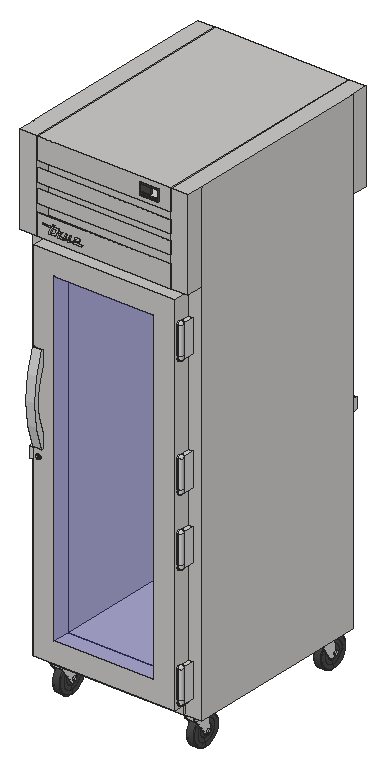
Revit family "QF_TRUE_STG1RPT-1G-1S-HC", category Specialty Equipment, Revit 2012 (continued)
Automatic sketch dimensions
  Revolve 50 sketch curve to Revolve 50 sketch curve = 0"
  Revolve 50 sketch curve to plane 5 "TOP" = 38.25492"
  Revolve 50 sketch curve to Revolve 50 sketch curve = 0.55526"
  Revolve 50 sketch curve to Revolve 50 sketch curve = 0.19474"
  Revolve 50 sketch curve to Revolve 50 sketch curve = 0.14649"
  Revolve 50 sketch curve to Revolve 50 sketch curve = 4.42889"
  Revolve 50 sketch curve to Revolve 50 sketch curve = 0.05342"
  Revolve 50 sketch curve to Revolve 50 sketch curve = 0.51246"
  Revolve 50 sketch curve to Revolve 50 sketch curve = 0.05889"
  Extrusion 52 sketch curve to Extrusion 52 sketch curve = 0.20453"
  Extrusion 52 sketch curve to Extrusion 52 sketch curve = 0.43503"
  plane 6 to Extrusion 52 sketch curve = 27.92729"
  Extrusion 52 sketch curve to Extrusion 52 sketch curve = 4.39928"
  Extrusion 52 sketch curve to Extrusion 52 sketch curve = 0.71221"
  Revolve 53 sketch curve to Revolve 53 sketch curve = 0.38242"
  Revolve 53 sketch curve to Revolve 53 sketch curve = 0.38436"
  Revolve 53 sketch curve to Revolve 53 sketch curve = 0.02425"
  Revolve 53 sketch curve to Revolve 53 sketch curve = 0.40666"  (x2)
  Revolve 53 sketch curve to Revolve 53 sketch curve = 0"
  plane 6 to Revolve 53 sketch curve = 28.74508"
  Revolve 53 sketch curve to Revolve 53 sketch curve = 0.55526"
  Revolve 53 sketch curve to Revolve 53 sketch curve = 0.19474"
  Revolve 53 sketch curve to Revolve 53 sketch curve = 0.14649"
  Revolve 53 sketch curve to Revolve 53 sketch curve = 4.42889"
  Revolve 53 sketch curve to Revolve 53 sketch curve = 0.05342"
  Revolve 53 sketch curve to Revolve 53 sketch curve = 0.51246"
  Revolve 53 sketch curve to Revolve 53 sketch curve = 0.05889"
  Extrusion 55 sketch curve to Extrusion 55 sketch curve = 0.20453"
  Extrusion 55 sketch curve to Extrusion 55 sketch curve = 0.43503"
  plane 6 to Extrusion 55 sketch curve = 8.17729"
  plane 6 to Extrusion 55 sketch curve = 3.57348"
  Extrusion 55 sketch curve to Extrusion 55 sketch curve = 0.75105"
  Revolve 56 sketch curve to Revolve 56 sketch curve = 0.38242"
  Revolve 56 sketch curve to Revolve 56 sketch curve = 0.38436"
  Revolve 56 sketch curve to Revolve 56 sketch curve = 0.02425"
  Revolve 56 sketch curve to Revolve 56 sketch curve = 0.40666"  (x2)
  Revolve 56 sketch curve to Revolve 56 sketch curve = 0"
  plane 6 to Revolve 56 sketch curve = 8.99508"
  Revolve 56 sketch curve to Revolve 56 sketch curve = 0.55526"
  Revolve 56 sketch curve to Revolve 56 sketch curve = 0.19474"
  Revolve 56 sketch curve to Revolve 56 sketch curve = 0.14649"
  plane 6 to Revolve 56 sketch curve = 3.62689"
  Revolve 56 sketch curve to Revolve 56 sketch curve = 0.05342"
  Revolve 56 sketch curve to Revolve 56 sketch curve = 0.51246"
  Revolve 56 sketch curve to Revolve 56 sketch curve = 0.05889"
  Extrusion 3 sketch curve to Extrusion 3 sketch curve = 31"  (x2)
  Extrusion 3 sketch curve to Extrusion 3 sketch curve = 0.21659"
  Extrusion 25 sketch curve to Extrusion 25 sketch curve = 22.76936"
  Extrusion 31 sketch curve to Extrusion 31 sketch curve = 23.08888"
  Extrusion 34 sketch curve to Extrusion 34 sketch curve = 22.76936"
  Extrusion 35 sketch curve to Extrusion 35 sketch curve = 22.76936"
  Extrusion 40 sketch curve to Extrusion 40 sketch curve = 23.08888"
  Extrusion 46 sketch curve to plane 4 "FRONT" = 35.51521"
  Extrusion 46 sketch curve to Extrusion 46 sketch curve = 1.50065"
  Revolve 47 sketch curve to plane 4 "FRONT" = 35 15/16"
  Extrusion 49 sketch curve to plane 4 "FRONT" = 35.51521"
  Extrusion 49 sketch curve to Extrusion 49 sketch curve = 1.50065"
  Revolve 50 sketch curve to plane 4 "FRONT" = 35 15/16"
  Extrusion 52 sketch curve to plane 4 "FRONT" = 35.51521"
  Extrusion 52 sketch curve to Extrusion 52 sketch curve = 1.50065"
  Revolve 53 sketch curve to plane 4 "FRONT" = 35 15/16"
  Extrusion 55 sketch curve to plane 4 "FRONT" = 35.51521"
  Extrusion 55 sketch curve to Extrusion 55 sketch curve = 1.50065"
  Revolve 56 sketch curve to plane 4 "FRONT" = 35 15/16"
  plane 4 "FRONT" to Extrusion 7 sketch curve = 0.21185"  (x2)
  Extrusion 7 sketch curve to plane 4 "FRONT" = 0"  (x2)
  Extrusion 7 sketch curve to plane 4 "FRONT" = 9.47675"
  Extrusion 7 sketch curve to Extrusion 7 sketch curve = 7.78454"
  Extrusion 7 sketch curve to Extrusion 7 sketch curve = 2.37688"
  Extrusion 7 sketch curve to Extrusion 7 sketch curve = 0"
  plane 6 to Extrusion 7 sketch curve = 32 5/8"
  Extrusion 7 sketch curve to Extrusion 7 sketch curve = 4.87312"
  Extrusion 26 sketch curve to plane 6 = 0.63926"  (x2)
  Extrusion 26 sketch curve to plane 4 "FRONT" = 3.79864"
  Extrusion 26 sketch curve to plane 6 = 1.24411"
  Extrusion 26 sketch curve to Extrusion 26 sketch curve = 1/4"  (x2)
  Extrusion 26 sketch curve to Extrusion 26 sketch curve = 1.7492"  (x2)
  Extrusion 26 sketch curve to Extrusion 26 sketch curve = 0.50669"  (x2)
  Extrusion 26 sketch curve to Extrusion 26 sketch curve = 2 1/2"  (x2)
  Extrusion 26 sketch curve to Extrusion 26 sketch curve = 0.59966"  (x2)
  plane 8 to Extrusion 26 sketch curve = 6.82645"
  level to Extrusion 26 sketch curve = 2.59003"  (x2)
  Extrusion 26 sketch curve to Extrusion 26 sketch curve = 0.07363"  (x2)
  Extrusion 26 sketch curve to Extrusion 26 sketch curve = 0.60485"
  Extrusion 1 sketch curve to plane 2 "LEFT" = 0"
  plane 2 "LEFT" to Extrusion 1 sketch curve = 2 55/64"
  Extrusion 1 sketch curve to plane 4 "FRONT" = 2 3/4"
  plane 8 to Extrusion 1 sketch curve = 2 3/4"
  Extrusion 2 sketch curve to plane 3 "RIGHT" = 0"
  Extrusion 2 sketch curve to plane 3 "RIGHT" = 2 55/64"
  Extrusion 2 sketch curve to plane 4 "FRONT" = 2 3/4"
  plane 8 to Extrusion 2 sketch curve = 2 3/4"
  plane 4 "FRONT" to Extrusion 4 sketch curve = 0"
  Extrusion 4 sketch curve to plane 3 "RIGHT" = 2 55/64"
  Extrusion 4 sketch curve to plane 3 "RIGHT" = 3/64"
  Extrusion 4 sketch curve to Extrusion 4 sketch curve = 2 3/4"
  plane 4 "FRONT" to Extrusion 5 sketch curve = 0"
  plane 2 "LEFT" to Extrusion 5 sketch curve = 3/64"
  Extrusion 5 sketch curve to Extrusion 5 sketch curve = 2 13/16"
  Extrusion 5 sketch curve to Extrusion 5 sketch curve = 2 3/4"
  plane 2 "LEFT" to Extrusion 6 sketch curve = 2 9/32"
  Extrusion 6 sketch curve to Extrusion 6 sketch curve = 3 11/32"  (x3)
  Extrusion 6 sketch curve to plane 3 "RIGHT" = 5 5/8"
  Extrusion 6 sketch curve to plane 3 "RIGHT" = 2 9/32"
  plane 6 to Extrusion 6 sketch curve = 1 29/32"
  Extrusion 6 sketch curve to plane 5 "TOP" = 19 1/2"
  plane 2 "LEFT" to Extrusion 8 sketch curve = 3.04215"
  Extrusion 8 sketch curve to Extrusion 8 sketch curve = 0.02035"
  Extrusion 8 sketch curve to Extrusion 8 sketch curve = 0.0555"
  plane 6 to Extrusion 8 sketch curve = 30.95645"
  Extrusion 8 sketch curve to Extrusion 8 sketch curve = 0.29355"
  Extrusion 8 sketch curve to Extrusion 8 sketch curve = 0.27385"
  plane 2 "LEFT" to Extrusion 9 sketch curve = 3.68957"
  Extrusion 9 sketch curve to Extrusion 9 sketch curve = 0.10565"  (x5)
  Extrusion 9 sketch curve to Extrusion 9 sketch curve = 1.03891"
  Extrusion 9 sketch curve to Extrusion 9 sketch curve = 0.04606"
  Extrusion 9 sketch curve to Extrusion 9 sketch curve = 0.04025"
  Extrusion 9 sketch curve to Extrusion 9 sketch curve = 0.33624"
  Extrusion 9 sketch curve to Extrusion 9 sketch curve = 0.03034"  (x2)
  Extrusion 9 sketch curve to Extrusion 9 sketch curve = 0.29274"
  Extrusion 9 sketch curve to Extrusion 9 sketch curve = 0.03232"
  Extrusion 9 sketch curve to Extrusion 9 sketch curve = 0.08083"
  Extrusion 9 sketch curve to Extrusion 9 sketch curve = 0.1527"
  Extrusion 9 sketch curve to Extrusion 9 sketch curve = 0.19721"
  Extrusion 9 sketch curve to Extrusion 9 sketch curve = 0.4629"
  Extrusion 9 sketch curve to Extrusion 9 sketch curve = 0.02197"
  Extrusion 9 sketch curve to Extrusion 9 sketch curve = 0.12632"
  Extrusion 9 sketch curve to Extrusion 9 sketch curve = 0.18591"
  Extrusion 9 sketch curve to Extrusion 9 sketch curve = 0.2322"
  Extrusion 9 sketch curve to Extrusion 9 sketch curve = 0.13786"
  Extrusion 9 sketch curve to Extrusion 9 sketch curve = 0.00907"
  Extrusion 9 sketch curve to Extrusion 9 sketch curve = 0.01413"
  Extrusion 9 sketch curve to Extrusion 9 sketch curve = 0.37162"
  Extrusion 9 sketch curve to Extrusion 9 sketch curve = 0.12551"
  Extrusion 9 sketch curve to Extrusion 9 sketch curve = 0.07633"
  Extrusion 9 sketch curve to Extrusion 9 sketch curve = 0.08445"
  Extrusion 9 sketch curve to Extrusion 9 sketch curve = 0.25598"
  Extrusion 9 sketch curve to Extrusion 9 sketch curve = 0.01887"
  Extrusion 9 sketch curve to Extrusion 9 sketch curve = 0.04061"
  Extrusion 9 sketch curve to Extrusion 9 sketch curve = 0.0653"
  Extrusion 9 sketch curve to Extrusion 9 sketch curve = 0.08474"
  Extrusion 9 sketch curve to Extrusion 9 sketch curve = 0.00815"
  Extrusion 9 sketch curve to Extrusion 9 sketch curve = 0.22037"
  Extrusion 9 sketch curve to Extrusion 9 sketch curve = 0.21921"
  Extrusion 9 sketch curve to Extrusion 9 sketch curve = 0.11572"
  Extrusion 9 sketch curve to Extrusion 9 sketch curve = 0.46643"
  Extrusion 9 sketch curve to Extrusion 9 sketch curve = 0.00535"
  Extrusion 9 sketch curve to Extrusion 9 sketch curve = 0.09269"
  Extrusion 9 sketch curve to Extrusion 9 sketch curve = 0.09348"
  Extrusion 9 sketch curve to Extrusion 9 sketch curve = 0.14812"
  Extrusion 9 sketch curve to Extrusion 9 sketch curve = 0.07778"  (x3)
  Extrusion 9 sketch curve to Extrusion 9 sketch curve = 0.20054"
  Extrusion 9 sketch curve to Extrusion 9 sketch curve = 0.04325"
  Extrusion 9 sketch curve to Extrusion 9 sketch curve = 0.32433"
  Extrusion 9 sketch curve to Extrusion 9 sketch curve = 0.10233"  (x2)
  Extrusion 9 sketch curve to Extrusion 9 sketch curve = 0.16515"
  Extrusion 9 sketch curve to Extrusion 9 sketch curve = 0.27321"
  Extrusion 9 sketch curve to Extrusion 9 sketch curve = 0.0526"
  Extrusion 9 sketch curve to Extrusion 9 sketch curve = 0.10005"
  Extrusion 9 sketch curve to Extrusion 9 sketch curve = 0.06912"
  Extrusion 9 sketch curve to Extrusion 9 sketch curve = 0.13276"
  Extrusion 9 sketch curve to Extrusion 9 sketch curve = 0.17486"
  Extrusion 9 sketch curve to Extrusion 9 sketch curve = 0.05291"
  Extrusion 9 sketch curve to Extrusion 9 sketch curve = 0.53374"
  Extrusion 9 sketch curve to Extrusion 9 sketch curve = 0.09914"  (x2)
  Extrusion 9 sketch curve to Extrusion 9 sketch curve = 0.15992"
  Extrusion 9 sketch curve to Extrusion 9 sketch curve = 0.46666"
  Extrusion 9 sketch curve to Extrusion 9 sketch curve = 0.00582"
  Extrusion 9 sketch curve to Extrusion 9 sketch curve = 0.08216"
  Extrusion 9 sketch curve to Extrusion 9 sketch curve = 0.16397"
  Extrusion 9 sketch curve to Extrusion 9 sketch curve = 0.12601"
  Extrusion 9 sketch curve to Extrusion 9 sketch curve = 0.1363"
  Extrusion 9 sketch curve to Extrusion 9 sketch curve = 0.02323"
  Extrusion 9 sketch curve to Extrusion 9 sketch curve = 0.03844"
  Extrusion 9 sketch curve to Extrusion 9 sketch curve = 0.0454"
  Extrusion 9 sketch curve to Extrusion 9 sketch curve = 0.05693"
  Extrusion 9 sketch curve to Extrusion 9 sketch curve = 0.0917"
  Extrusion 9 sketch curve to Extrusion 9 sketch curve = 0.01902"
  Extrusion 9 sketch curve to Extrusion 9 sketch curve = 0.02191"
  Extrusion 9 sketch curve to Extrusion 9 sketch curve = 0.0347"
  Extrusion 9 sketch curve to Extrusion 9 sketch curve = 0.06385"
  Extrusion 9 sketch curve to Extrusion 9 sketch curve = 0.02906"
  Extrusion 9 sketch curve to Extrusion 9 sketch curve = 0.02851"
  Extrusion 9 sketch curve to Extrusion 9 sketch curve = 0.29237"
  Extrusion 9 sketch curve to Extrusion 9 sketch curve = 0.00537"
  Extrusion 9 sketch curve to Extrusion 9 sketch curve = 0.0406"
  Extrusion 9 sketch curve to Extrusion 9 sketch curve = 0.04327"
  Extrusion 9 sketch curve to Extrusion 9 sketch curve = 0.02615"
  Extrusion 9 sketch curve to Extrusion 9 sketch curve = 0.11806"
  Extrusion 9 sketch curve to Extrusion 9 sketch curve = 0.15103"
  Extrusion 9 sketch curve to Extrusion 9 sketch curve = 0.10007"
  Extrusion 9 sketch curve to Extrusion 9 sketch curve = 0.5254"
  Extrusion 9 sketch curve to Extrusion 9 sketch curve = 0.14787"
  Extrusion 9 sketch curve to plane 5 "TOP" = 13.64562"
  Extrusion 9 sketch curve to Extrusion 9 sketch curve = 0.07275"
  Extrusion 9 sketch curve to Extrusion 9 sketch curve = 0.05776"
  Extrusion 9 sketch curve to Extrusion 9 sketch curve = 0.08631"
  Extrusion 9 sketch curve to Extrusion 9 sketch curve = 0.09282"
  Extrusion 9 sketch curve to Extrusion 9 sketch curve = 0.13018"
  Extrusion 9 sketch curve to Extrusion 9 sketch curve = 0.16714"
  Extrusion 9 sketch curve to Extrusion 9 sketch curve = 0.11061"
  Extrusion 9 sketch curve to Extrusion 9 sketch curve = 0.06046"
  Extrusion 9 sketch curve to Extrusion 9 sketch curve = 0.16548"
  Extrusion 9 sketch curve to Extrusion 9 sketch curve = 0.14279"
  Extrusion 9 sketch curve to Extrusion 9 sketch curve = 0.0496"
  Extrusion 9 sketch curve to Extrusion 9 sketch curve = 0.07293"
  Extrusion 9 sketch curve to Extrusion 9 sketch curve = 0.07764"
  Extrusion 9 sketch curve to Extrusion 9 sketch curve = 0.03794"
  Extrusion 9 sketch curve to Extrusion 9 sketch curve = 0.08552"
  Extrusion 9 sketch curve to Extrusion 9 sketch curve = 0.09296"
  Extrusion 9 sketch curve to Extrusion 9 sketch curve = 0.09314"
  Extrusion 9 sketch curve to Extrusion 9 sketch curve = 0.02781"
  Extrusion 9 sketch curve to Extrusion 9 sketch curve = 0.04981"
  Extrusion 9 sketch curve to Extrusion 9 sketch curve = 0.09315"
  Extrusion 9 sketch curve to Extrusion 9 sketch curve = 0.04799"
  Extrusion 9 sketch curve to Extrusion 9 sketch curve = 0.02531"
  Extrusion 9 sketch curve to Extrusion 9 sketch curve = 0.03054"
  Extrusion 9 sketch curve to Extrusion 9 sketch curve = 0.2589"
  Extrusion 9 sketch curve to Extrusion 9 sketch curve = 0.0674"
  Extrusion 9 sketch curve to Extrusion 9 sketch curve = 0.0324"
  Extrusion 9 sketch curve to Extrusion 9 sketch curve = 0.26185"
  Extrusion 9 sketch curve to Extrusion 9 sketch curve = 11/256"
  Extrusion 9 sketch curve to Extrusion 9 sketch curve = 0.07366"
  Extrusion 9 sketch curve to Extrusion 9 sketch curve = 0.02187"
  Extrusion 9 sketch curve to Extrusion 9 sketch curve = 0.06479"
  Extrusion 9 sketch curve to Extrusion 9 sketch curve = 0.01183"
  Extrusion 9 sketch curve to Extrusion 9 sketch curve = 0.05778"
  Extrusion 9 sketch curve to Extrusion 9 sketch curve = 0.53375"
  Extrusion 9 sketch curve to Extrusion 9 sketch curve = 0.23098"
  Extrusion 9 sketch curve to Extrusion 9 sketch curve = 0"
  Extrusion 9 sketch curve to Extrusion 9 sketch curve = 0.05045"
  Extrusion 9 sketch curve to Extrusion 9 sketch curve = 0.09139"
  Extrusion 9 sketch curve to Extrusion 9 sketch curve = 29/128"  (x3)
  Extrusion 10 sketch curve to plane 3 "RIGHT" = 3 1/4"
  Extrusion 10 sketch curve to plane 5 "TOP" = 2 1/8"
  plane 2 "LEFT" to Blend 11 sketch curve = 2 9/32"
  Blend 11 sketch curve to Blend 11 sketch curve = 3/4"
  plane 6 to Blend 11 sketch curve = 32.17919"
  Blend 11 sketch curve to Blend 11 sketch curve = 1 3/4"
  Blend 11 sketch curve to plane 2 "LEFT" = 2 9/32"
  Blend 11 sketch curve to Blend 11 sketch curve = 0.93223"
  Blend 11 sketch curve to plane 6 = 29.8316"
  Blend 11 sketch curve to Blend 11 sketch curve = 2.78233"
  Extrusion 14 sketch curve to plane 3 "RIGHT" = 1.88366"
  Extrusion 14 sketch curve to Extrusion 14 sketch curve = 0.39759"
  Extrusion 14 sketch curve to plane 5 "TOP" = 19.6514"
  Extrusion 14 sketch curve to Extrusion 14 sketch curve = 4.47281"
  Extrusion 17 sketch curve to plane 3 "RIGHT" = 1.88366"
  Extrusion 17 sketch curve to Extrusion 17 sketch curve = 0.39759"
  plane 6 to Extrusion 17 sketch curve = 38.8486"
  Extrusion 17 sketch curve to Extrusion 17 sketch curve = 4.47281"
  Extrusion 20 sketch curve to plane 3 "RIGHT" = 1.88366"
  Extrusion 20 sketch curve to Extrusion 20 sketch curve = 0.39759"
  plane 6 to Extrusion 20 sketch curve = 27.8486"
  Extrusion 20 sketch curve to Extrusion 20 sketch curve = 4.47281"
  Extrusion 23 sketch curve to plane 3 "RIGHT" = 1.88366"
  Extrusion 23 sketch curve to Extrusion 23 sketch curve = 0.39759"
  plane 6 to Extrusion 23 sketch curve = 8.0986"
  plane 6 to Extrusion 23 sketch curve = 3.62579"
  Revolve 24 sketch curve to plane 3 "RIGHT" = 4.35148"
  Revolve 24 sketch curve to Revolve 24 sketch curve = 0.48273"
  Revolve 24 sketch curve to Revolve 24 sketch curve = 0.4"
  Revolve 24 sketch curve to Revolve 24 sketch curve = 0"  (x2)
  Revolve 24 sketch curve to Revolve 24 sketch curve = 0.1"  (x2)
  Revolve 24 sketch curve to Revolve 24 sketch curve = 0.16101"
  Revolve 24 sketch curve to Revolve 24 sketch curve = 0.75408"
  Revolve 24 sketch curve to Revolve 24 sketch curve = 0.92798"
  Revolve 24 sketch curve to Revolve 24 sketch curve = 0.06101"
  Revolve 24 sketch curve to Revolve 24 sketch curve = 1/2"
  Revolve 24 sketch curve to Revolve 24 sketch curve = 0.16509"
  Revolve 24 sketch curve to Revolve 24 sketch curve = 0.39592"
  level to Revolve 24 sketch curve = 2 1/2"
  Revolve 24 sketch curve to Revolve 24 sketch curve = 0.29941"  (x2)
  Revolve 24 sketch curve to Revolve 24 sketch curve = 3/4"  (x4)
  Revolve 24 sketch curve to Revolve 24 sketch curve = 0.59652"
  Revolve 24 sketch curve to Revolve 24 sketch curve = 0.60059"
  Revolve 27 sketch curve to plane 6 = 0.62954"
  Revolve 27 sketch curve to plane 3 "RIGHT" = 4.14082"
  Revolve 27 sketch curve to Revolve 27 sketch curve = 1.29707"
  Revolve 27 sketch curve to Revolve 27 sketch curve = 0"
  Revolve 27 sketch curve to Revolve 27 sketch curve = 0.10278"
  Revolve 27 sketch curve to plane 6 = 0"
  plane 6 to Revolve 27 sketch curve = 0.26768"
  Revolve 28 sketch curve to level = 0"
  Revolve 28 sketch curve to plane 6 = 0"
  Revolve 28 sketch curve to plane 3 "RIGHT" = 4.17713"
  level to Revolve 28 sketch curve = 1"
  Revolve 28 sketch curve to plane 3 "RIGHT" = 3 19/32"
  Revolve 28 sketch curve to Revolve 28 sketch curve = 1/4"
  Revolve 28 sketch curve to Revolve 28 sketch curve = 1/2"
  Revolve 28 sketch curve to Revolve 28 sketch curve = 0"
  Revolve 28 sketch curve to Revolve 28 sketch curve = 5/8"
  plane 6 to Revolve 28 sketch curve = 1 25/32"
  Revolve 29 sketch curve to level = 0"
  Revolve 29 sketch curve to plane 6 = 0"
  Revolve 29 sketch curve to plane 3 "RIGHT" = 4.17713"
  level to Revolve 29 sketch curve = 1"
  Revolve 29 sketch curve to plane 3 "RIGHT" = 3 19/32"
  Revolve 29 sketch curve to Revolve 29 sketch curve = 1/4"
  Revolve 29 sketch curve to Revolve 29 sketch curve = 1/2"
  Revolve 29 sketch curve to Revolve 29 sketch curve = 0"
  Revolve 29 sketch curve to Revolve 29 sketch curve = 5/8"
  plane 6 to Revolve 29 sketch curve = 1 25/32"
  Revolve 30 sketch curve to plane 6 = 0.62954"
  Revolve 30 sketch curve to plane 3 "RIGHT" = 4.14082"
  Revolve 30 sketch curve to Revolve 30 sketch curve = 1.29707"
  Revolve 30 sketch curve to Revolve 30 sketch curve = 0"
  Revolve 30 sketch curve to Revolve 30 sketch curve = 0.10278"
  Revolve 30 sketch curve to plane 6 = 0"
  plane 6 to Revolve 30 sketch curve = 0.26768"
  Revolve 32 sketch curve to plane 3 "RIGHT" = 4.35148"
  Revolve 32 sketch curve to Revolve 32 sketch curve = 0.48273"
  Revolve 32 sketch curve to Revolve 32 sketch curve = 0.4"
  Revolve 32 sketch curve to Revolve 32 sketch curve = 0"  (x2)
  Revolve 32 sketch curve to Revolve 32 sketch curve = 0.1"  (x2)
  Revolve 32 sketch curve to Revolve 32 sketch curve = 0.16101"
  Revolve 32 sketch curve to Revolve 32 sketch curve = 0.75408"
  Revolve 32 sketch curve to Revolve 32 sketch curve = 0.92798"
  Revolve 32 sketch curve to Revolve 32 sketch curve = 0.06101"
  Revolve 32 sketch curve to Revolve 32 sketch curve = 1/2"
  Revolve 32 sketch curve to Revolve 32 sketch curve = 0.16509"
  Revolve 32 sketch curve to Revolve 32 sketch curve = 0.39592"
  level to Revolve 32 sketch curve = 2 1/2"
  Revolve 32 sketch curve to Revolve 32 sketch curve = 0.29941"  (x2)
  Revolve 32 sketch curve to Revolve 32 sketch curve = 3/4"  (x4)
  Revolve 32 sketch curve to Revolve 32 sketch curve = 0.59652"
  Revolve 32 sketch curve to Revolve 32 sketch curve = 0.60059"
  plane 2 "LEFT" to Revolve 33 sketch curve = 1.33602"
  Revolve 33 sketch curve to Revolve 33 sketch curve = 0.48273"
  Revolve 33 sketch curve to Revolve 33 sketch curve = 0.4"
  Revolve 33 sketch curve to Revolve 33 sketch curve = 0"  (x2)
  Revolve 33 sketch curve to Revolve 33 sketch curve = 0.1"  (x2)
  Revolve 33 sketch curve to Revolve 33 sketch curve = 0.16101"
  Revolve 33 sketch curve to Revolve 33 sketch curve = 0.75408"
  Revolve 33 sketch curve to Revolve 33 sketch curve = 0.92798"
  Revolve 33 sketch curve to Revolve 33 sketch curve = 0.06101"
  Revolve 33 sketch curve to Revolve 33 sketch curve = 1/2"
  Revolve 33 sketch curve to Revolve 33 sketch curve = 0.16509"
  Revolve 33 sketch curve to Revolve 33 sketch curve = 0.39592"
  level to Revolve 33 sketch curve = 2 1/2"
  Revolve 33 sketch curve to Revolve 33 sketch curve = 0.29941"  (x2)
  Revolve 33 sketch curve to Revolve 33 sketch curve = 3/4"  (x4)
  Revolve 33 sketch curve to Revolve 33 sketch curve = 0.59652"
  Revolve 33 sketch curve to Revolve 33 sketch curve = 0.60059"
  Revolve 36 sketch curve to plane 6 = 0"
  Revolve 36 sketch curve to plane 6 = 0.62954"
  plane 2 "LEFT" to Revolve 36 sketch curve = 1.54668"
  Revolve 36 sketch curve to Revolve 36 sketch curve = 1.29707"
  Revolve 36 sketch curve to Revolve 36 sketch curve = 0"
  Revolve 36 sketch curve to Revolve 36 sketch curve = 0.10278"
  plane 6 to Revolve 36 sketch curve = 0.26768"
  Revolve 37 sketch curve to level = 0"
  Revolve 37 sketch curve to plane 6 = 0"
  plane 2 "LEFT" to Revolve 37 sketch curve = 1.51037"
  level to Revolve 37 sketch curve = 1"
  plane 2 "LEFT" to Revolve 37 sketch curve = 2 3/32"
  Revolve 37 sketch curve to Revolve 37 sketch curve = 1/4"
  Revolve 37 sketch curve to Revolve 37 sketch curve = 1/2"
  Revolve 37 sketch curve to Revolve 37 sketch curve = 0"
  Revolve 37 sketch curve to Revolve 37 sketch curve = 5/8"
  plane 6 to Revolve 37 sketch curve = 1 25/32"
  Revolve 38 sketch curve to level = 0"
  Revolve 38 sketch curve to plane 6 = 0"
  plane 2 "LEFT" to Revolve 38 sketch curve = 1.51037"
  level to Revolve 38 sketch curve = 1"
  plane 2 "LEFT" to Revolve 38 sketch curve = 2 3/32"
  Revolve 38 sketch curve to Revolve 38 sketch curve = 1/4"
  Revolve 38 sketch curve to Revolve 38 sketch curve = 1/2"
  Revolve 38 sketch curve to Revolve 38 sketch curve = 0"
  Revolve 38 sketch curve to Revolve 38 sketch curve = 5/8"
  plane 6 to Revolve 38 sketch curve = 1 25/32"
  Revolve 39 sketch curve to plane 6 = 0"
  Revolve 39 sketch curve to plane 6 = 0.62954"
  plane 2 "LEFT" to Revolve 39 sketch curve = 1.54668"
  Revolve 39 sketch curve to Revolve 39 sketch curve = 1.29707"
  Revolve 39 sketch curve to Revolve 39 sketch curve = 0"
  Revolve 39 sketch curve to Revolve 39 sketch curve = 0.10278"
  plane 6 to Revolve 39 sketch curve = 0.26768"
  plane 2 "LEFT" to Revolve 41 sketch curve = 1.33602"
  Revolve 41 sketch curve to Revolve 41 sketch curve = 0.48273"
  Revolve 41 sketch curve to Revolve 41 sketch curve = 0.4"
  Revolve 41 sketch curve to Revolve 41 sketch curve = 0"  (x2)
  Revolve 41 sketch curve to Revolve 41 sketch curve = 0.1"  (x2)
  Revolve 41 sketch curve to Revolve 41 sketch curve = 0.16101"
  Revolve 41 sketch curve to Revolve 41 sketch curve = 0.75408"
  Revolve 41 sketch curve to Revolve 41 sketch curve = 0.92798"
  Revolve 41 sketch curve to Revolve 41 sketch curve = 0.06101"
  Revolve 41 sketch curve to Revolve 41 sketch curve = 1/2"
  Revolve 41 sketch curve to Revolve 41 sketch curve = 0.16509"
  Revolve 41 sketch curve to Revolve 41 sketch curve = 0.39592"
  level to Revolve 41 sketch curve = 2 1/2"
  Revolve 41 sketch curve to Revolve 41 sketch curve = 0.29941"  (x2)
  Revolve 41 sketch curve to Revolve 41 sketch curve = 3/4"  (x4)
  Revolve 41 sketch curve to Revolve 41 sketch curve = 0.59652"
  Revolve 41 sketch curve to Revolve 41 sketch curve = 0.60059"
  plane 2 "LEFT" to Extrusion 42 sketch curve = 5 5/8"
  Extrusion 42 sketch curve to plane 3 "RIGHT" = 5 5/8"
  plane 6 to Extrusion 42 sketch curve = 5 1/4"
  Extrusion 42 sketch curve to plane 5 "TOP" = 19 1/2"
  plane 2 "LEFT" to Extrusion 43 sketch curve = 2 9/32"
  Extrusion 43 sketch curve to plane 3 "RIGHT" = 2 9/32"
  Extrusion 43 sketch curve to plane 5 "TOP" = 16 5/32"
  plane 6 to Extrusion 43 sketch curve = 1 29/32"
  plane 8 to Extrusion 44 sketch curve = 0"
  Extrusion 44 sketch curve to plane 3 "RIGHT" = 2 55/64"
  Extrusion 44 sketch curve to plane 3 "RIGHT" = 3/64"
  Extrusion 44 sketch curve to Extrusion 44 sketch curve = 2 3/4"
  plane 8 to Extrusion 45 sketch curve = 0"
  plane 2 "LEFT" to Extrusion 45 sketch curve = 3/64"
  Extrusion 45 sketch curve to Extrusion 45 sketch curve = 2 13/16"
  Extrusion 45 sketch curve to Extrusion 45 sketch curve = 2 3/4"
  plane 2 "LEFT" to Extrusion 48 sketch curve = 1.88366"
  Extrusion 48 sketch curve to Extrusion 48 sketch curve = 0.39759"
  Extrusion 48 sketch curve to plane 5 "TOP" = 19.6514"
  Extrusion 48 sketch curve to Extrusion 48 sketch curve = 4.47281"
  plane 2 "LEFT" to Extrusion 51 sketch curve = 1.88366"
  Extrusion 51 sketch curve to Extrusion 51 sketch curve = 0.39759"
  plane 6 to Extrusion 51 sketch curve = 38.8486"
  Extrusion 51 sketch curve to Extrusion 51 sketch curve = 4.47281"
  plane 2 "LEFT" to Extrusion 54 sketch curve = 1.88366"
  Extrusion 54 sketch curve to Extrusion 54 sketch curve = 0.39759"
  plane 6 to Extrusion 54 sketch curve = 27.8486"
  Extrusion 54 sketch curve to Extrusion 54 sketch curve = 4.47281"
  plane 2 "LEFT" to Extrusion 57 sketch curve = 1.88366"
  Extrusion 57 sketch curve to Extrusion 57 sketch curve = 0.39759"
  plane 6 to Extrusion 57 sketch curve = 8.0986"
  plane 6 to Extrusion 57 sketch curve = 3.62579"
  Extrusion 59 sketch curve to plane 3 "RIGHT" = 2.91715"
  Extrusion 59 sketch curve to Extrusion 59 sketch curve = 0.02035"
  Extrusion 59 sketch curve to Extrusion 59 sketch curve = 0.0555"
  plane 6 to Extrusion 59 sketch curve = 30.95645"
  Extrusion 59 sketch curve to Extrusion 59 sketch curve = 0.29355"
  Extrusion 59 sketch curve to Extrusion 59 sketch curve = 0.27385"
  Blend 60 sketch curve to plane 3 "RIGHT" = 2 9/32"  (x2)
  Blend 60 sketch curve to Blend 60 sketch curve = 3/4"
  plane 6 to Blend 60 sketch curve = 32.17919"
  Blend 60 sketch curve to Blend 60 sketch curve = 1 3/4"
  Blend 60 sketch curve to Blend 60 sketch curve = 0.93223"
  plane 6 to Blend 60 sketch curve = 32.61393"
  Blend 60 sketch curve to Blend 60 sketch curve = 2.78233"
  Extrusion 61 sketch curve to plane 5 "TOP" = 2.55982"
  Extrusion 61 sketch curve to plane 3 "RIGHT" = 7.75585"
  Extrusion 61 sketch curve to Extrusion 61 sketch curve = 2 29/32"
  Extrusion 61 sketch curve to plane 5 "TOP" = 13/16"
  Extrusion 62 sketch curve to plane 5 "TOP" = 3/4"
  Extrusion 62 sketch curve to plane 3 "RIGHT" = 7.81835"
  Extrusion 62 sketch curve to Extrusion 62 sketch curve = 1/16"  (x4)
  Extrusion 62 sketch curve to Extrusion 62 sketch curve = 0.1375"  (x2)
  Extrusion 62 sketch curve to Extrusion 62 sketch curve = 1/4"  (x4)
  Extrusion 62 sketch curve to Extrusion 62 sketch curve = 0.44601"
  Extrusion 62 sketch curve to Extrusion 62 sketch curve = 1/2"  (x2)
  Extrusion 62 sketch curve to Extrusion 62 sketch curve = 0.0035"
  Extrusion 62 sketch curve to Extrusion 62 sketch curve = 1.06923"
  Extrusion 62 sketch curve to plane 5 "TOP" = 0.95"
  Extrusion 62 sketch curve to Extrusion 62 sketch curve = 1"
  Extrusion 62 sketch curve to Extrusion 62 sketch curve = 0.34106"  (x3)
  Extrusion 62 sketch curve to Extrusion 62 sketch curve = 0"
  Extrusion 62 sketch curve to Extrusion 62 sketch curve = 0.26876"
  plane 2 "LEFT" to Extrusion 64 sketch curve = 2 27/32"
  Extrusion 64 sketch curve to plane 4 "FRONT" = 5 3/16"
  plane 2 "LEFT" to Extrusion 65 sketch curve = 2 27/32"
  plane 8 to Extrusion 65 sketch curve = 5.06602"
  Extrusion 66 sketch curve to plane 3 "RIGHT" = 2 27/32"
  plane 8 to Extrusion 66 sketch curve = 5.06602"
  Extrusion 67 sketch curve to plane 3 "RIGHT" = 2 27/32"
  Extrusion 67 sketch curve to plane 4 "FRONT" = 5 3/16"
  curve 1 to plane 2 "LEFT" = 0"
  plane 4 "FRONT" to curve 27 = 0"
  plane 8 to curve 28 = 0"
  curve 21 to plane 10 = 0"
  curve 3 to plane 3 "RIGHT" = 0"
  plane 2 "LEFT" to curve 10 = 1.20097"
  plane 2 "LEFT" to curve 6 = 1.41409"
  plane 2 "LEFT" to curve 27 = 2.28012"
  plane 2 "LEFT" to curve 28 = 2 9/32"
  curve 29 to curve 28 = 0"
  curve 9 to curve 11 = 1.08591"
  curve 27 to curve 21 = 0.03238"
  curve 5 to curve 6 = 1.08591"
  curve 28 to curve 9 = 1.41972"
  curve 21 to curve 22 = 1 1/2"
  plane 2 "LEFT" to curve 5 = 3.91409"
  plane 2 "LEFT" to curve 27 = 5.35331"
  curve 28 to plane 3 "RIGHT" = 5.35331"
  curve 13 to plane 3 "RIGHT" = 5.17844"
  curve 18 to plane 3 "RIGHT" = 5.17844"
  curve 17 to curve 19 = 1.08591"
  curve 13 to curve 15 = 1.08591"
  curve 17 to plane 3 "RIGHT" = 2.67844"
  curve 13 to plane 3 "RIGHT" = 2.67844"
  curve 27 to curve 2 = 2 9/32"
  curve 20 to curve 27 = 0"
  curve 25 to plane 4 "FRONT" = 2 3/4"
  curve 19 to plane 4 "FRONT" = 3.92849"
  curve 25 to curve 7 = 1.28257"
  curve 18 to curve 18 = 0.62695"
  curve 6 to curve 5 = 0.62695"
  plane 8 to curve 14 = 8.09243"
  plane 8 to curve 11 = 7.96938"
  curve 14 to curve 14 = 0.62695"
  curve 10 to curve 10 = 0.62695"
  curve 12 to curve 26 = 1.0123"
  curve 29 to plane 8 = 0"
  plane 8 to Extrusion 58 sketch curve = 0"  (x2)
  Extrusion 58 sketch curve to plane 3 "RIGHT" = 4 1/4"
  Extrusion 58 sketch curve to plane 3 "RIGHT" = 6.62735"
  Extrusion 58 sketch curve to plane 3 "RIGHT" = 11 1/2"  (x2)
  Extrusion 58 sketch curve to Extrusion 58 sketch curve = 2.37735"
  Extrusion 58 sketch curve to plane 8 = 0.21151"
  plane 8 to Extrusion 58 sketch curve = 9.5614"
  Extrusion 58 sketch curve to Extrusion 58 sketch curve = 7.69571"
  curve 30 to plane 8 = 0.21151"  (x2)
  curve 8 to curve 30 = 3.96312"
  curve 30 to curve 31 = 2.37735"
  curve 30 to plane 3 "RIGHT" = 11 1/2"
  curve 31 to curve 13 = 6.32156"
  curve 30 to curve 13 = 9.79163"
  curve 31 to curve 13 = 2.09592"
  curve 32 to curve 29 = 1.96988"
  plane 4 "FRONT" to Extrusion 63 sketch curve = 0"
  Extrusion 63 sketch curve to plane 11 = 0"
  plane 12 to Extrusion 63 sketch curve = 0"
  plane 8 to Extrusion 63 sketch curve = 0.02728"
  plane 2 "LEFT" to Extrusion 63 sketch curve = 2.16106"
  plane 2 "LEFT" to Extrusion 63 sketch curve = 2.28012"
  plane 2 "LEFT" to Extrusion 63 sketch curve = 2 9/32"
  Extrusion 63 sketch curve to plane 3 "RIGHT" = 2 9/32"
  Extrusion 63 sketch curve to plane 8 = 0"
  Extrusion 63 sketch curve to plane 4 "FRONT" = 0.02778"
  radius of Extrusion 8 sketch curve = 0.35"
  radius of Extrusion 10 sketch curve = 1/4"
  radius of Extrusion 59 sketch curve = 0.35"
  radius of Extrusion 64 sketch curve = 1 1/2"
  radius of Extrusion 65 sketch curve = 1 1/2"
  radius of Extrusion 66 sketch curve = 1 1/2"
  radius of Extrusion 67 sketch curve = 1 1/2"
Connectors (in)
  electrical at (24.25, 2.48221, 82), driven by "Volts", driven by "Watts"
    settings: on Extrusion 10, index 1, voltage 115 V, apparent load 437 VA, apparent load phase1 0 VA, apparent load phase2 0 VA, apparent load phase3 0 VA, power factor 1, load classification "Other", number of poles 1, system type 30, power factor state 1, is connector primary yes, connector utility no, sub classification motor no, connector description "ELECTRICAL CONNECTION"
